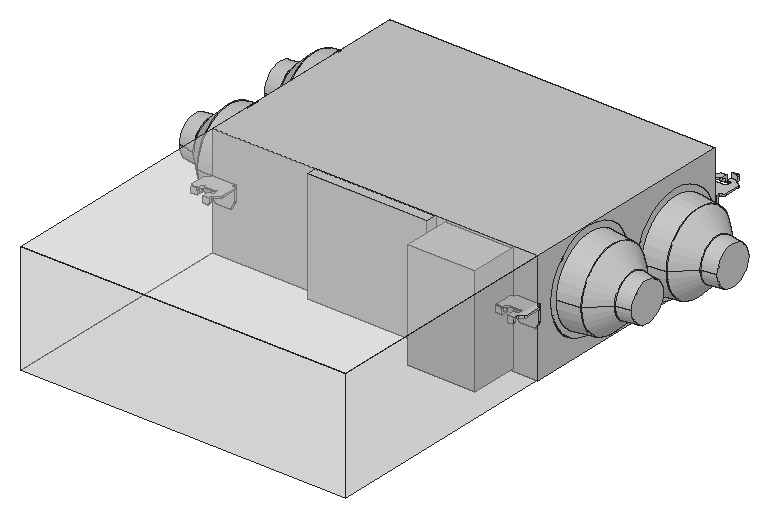
Revit family "outputfile", category 機械設備, Revit 2024
Family settings
  丸型コネクタ寸法 = 半径を使用
  パーツ タイプ = 標準
  OmniClass 番号 = 23.75.10.34.21
  OmniClass タイトル = Heat Exchangers for Ventilation Air
  作業面ベース = いいえ
  常に垂直 = はい
  ロード時にボイドで切り取り = いいえ
  注釈の向きを維持 = いいえ
  共有 = いいえ
  部屋計算ポイント = はい
Parameters (values of type "VAM150HVE")
  Description = ""
  製造元 = "Daikin"
  書き出し IFC クラス(タイプ) = "IfcAirToAirHeatRecoveryType"
  定義済み IFC タイプ(タイプ) = "ROTARYWHEEL"
  Cost = 0
  モデル = "VAM150HVE"
  Type Comments = ""
  Keynote = ""
  Type Image = (empty or 0)
  Assembly Code = ""
  w_maintenacecover = 298.0 mm
  r3_airconnection_top = 48.5 mm
  r2_airconnection_top = 53.1 mm
  r1_airconnection_top = 100.0 mm
  r1_airconnection_bottom = 107.1 mm
  r0_airconnection = 121.0 mm
  lw_powersuply = 146.5 mm
  Voltage_comment_60Hz = "220-240"
  Voltage_comment_50Hz = "220-240"
  Voltage_60Hz = 220 V
  Voltage_50Hz = 220 V
  URL = ""
  Phase_60Hz = 1
  Phase_50Hz = 1
  Minimum External Static Pressure = 44.00 Pa
  Minimum Circuit Amps_60Hz = 0.76 A
  Minimum Circuit Amps_50Hz = 0.76 A
  Maximum Fuse Amps_60Hz = 15.0 A
  Maximum Fuse Amps_50Hz = 15.0 A
  Maximum External Static Pressure = 140.00 Pa
  Material_Casing = DAIKIN_GalvanizedSteel_Casing_indoorunit
  lw_mountinghole_Left = 377.0 mm
  lw_mountinghole = 759.0 mm
  w_controlbox_right = 63.0 mm
  w_controlbox = 167.0 mm
  r_SAduct = SA Duct Size Diameter / 2  # 50.0 mm
  r_RAduct = RA Duct Size Diameter / 2  # 50.0 mm
  r_OAduct = OA Duct Size Diameter / 2  # 50.0 mm
  r_EAduct = EA Duct Size Diameter / 2  # 50.0 mm
  lh_powersuply = 139.0 mm
  lh_mounting = lh_mountinghole + [h***]  # 173.0 mm
  h_controlbox_top = 4.5 mm
  lh_antena = Height - lh_mountinghole + 1.0 mm  # 106.0 mm
  lh_SA = 157.0 mm
  lh_RA = 121.0 mm
  lh_OA = 157.0 mm
  lh_EA = 157.0 mm
  ld_SA = 159.0 mm
  ld_RA = 126.0 mm
  ld_OA = 125.0 mm
  ld_EA = 160.0 mm
  lh_mountinghole = 173.0 mm
  h_controlbox = 269.0 mm
  h*** = 0.0 mm  # constant formula
  d_total_airconnection = d1_airconnection + d2_airconnection + d3_airconnection  # 145.0 mm
  d_maintenacecover = 26.0 mm
  ld_mountinghole = 651.0 mm
  d_controlbox = 117.0 mm
  d3_airconnection = 38.5 mm
  d2_airconnection = 46.5 mm
  d1_airconnection = 60.0 mm
  d0_airconnection = 1.8 mm
  Width = 810.0 mm
  Version = "ver.1.0"
  Unit Type = "Heat Recovery Ventilator"
  Unit Mass Weight = 22.00 kg
  Unit Designation [instance] = ""
  Uniclass2015Version = "Products v1.30"
  Uniclass2015Title = "Thermal wheels"
  Uniclass2015Code = "Pr_60_60_36_88"
  Temperature exchange efficiency (Heating) = 77.00%
  Temperature exchange efficiency (Cooling) = 66.00%
  Supply Air Direction [instance] = yes
  Sound Pressure Level_M speed (dBA) = 30.5
  Sound Pressure Level_L speed (dBA) = 23
  Sound Pressure Level_H speed (dBA) = 33
  Series = "VRV Fan Coil Unit"
  SA Duct Size Diameter = 100.0 mm
  Refrigerant Type = ""
  RA Duct Size Diameter = 100.0 mm
  Option Accessory 3 [instance] = ""
  Option Accessory 2 [instance] = ""
  Option Accessory 1 [instance] = ""
  OA Duct Size Diameter = 100.0 mm
  Nominal Airflow = 150.00 m³/h
  Minimum Airflow = 50.00 m³/h
  Median Airflow = 0.00 m³/h
  Maximum Airflow = 250.00 m³/h
  Load Classification = HVAC
  Link_Nested Family [instance] = ""
  IfcVersion = "0"
  IfcExportType = "ROTARYWHEEL"
  IfcExportAs = "IfcAirToAirHeatRecoveryType"
  Height = 278.0 mm
  Heating Entering Wet Bulb Temperature [instance] = 0.00 °C
  Heating Entering Dry Bulb Temperature [instance] = 0.00 °C
  Heating Ambient Wet Bulb Temperature [instance] = 0.00 °C
  Heating Ambient Dry Bulb Temperature [instance] = 0.00 °C
  Frequency_60Hz = 60 Hz
  Frequency_50Hz = 50 Hz
  Fan Type = "Sirocco Fan"
  Fan Drive = "Direct Drive"
  FCU Tag No. [instance] = ""
  Enthalpy exchange efficiency (Heating) = 71.50%
  Enthalpy exchange efficiency (Cooling) = 63.50%
  EA Duct Size Diameter = 100.0 mm
  Design Supply Airflow [instance] = 0.00 m³/h
  Design Return Airflow [instance] = 0.00 m³/h
  Design Outdoor Airflow [instance] = 0.00 m³/h
  Design External Static Pressure [instance] = 0.00 Pa
  Design Exhaust Airflow [instance] = 0.00 m³/h
  Depth = 551.0 mm
  既定の高さ = 0.0 mm
  Cooling Entering Wet Bulb Temperature [instance] = 0.00 °C
  Cooling Entering Dry Bulb Temperature [instance] = 0.00 °C
  Cooling Ambient Wet Bulb Temperature [instance] = 0.00 °C
  Cooling Ambient Dry Bulb Temperature [instance] = 0.00 °C
  Clearance visibility [instance] = yes
  Clearance Top = 0.0 mm
  Clearance Right = 0.0 mm
  Clearance Rear = 0.0 mm
  Clearance Left = 0.0 mm
  Clearance Front = 600.0 mm
  Clearance Bottom = 0.0 mm
Reference planes
  plane 1 "Center (Front/Back)": y = 0
  plane 2: z = 0
  plane 3 "Center (Left/Right)": x = 0
  plane 4 "Back": y = 275.5
  plane 5 "Front": y = -275.5
  plane 6 "Left": x = -405
  plane 7 "Right": x = 405
  plane 8 "Top": z = 0
  plane 9 "mountinghole_Left": x = -377
  plane 10 "mountinghole_Right": x = 382
  plane 11 "mountinghole_Back": y = 325.5
  plane 12 "mountinghole_Front": y = -325.5
  plane 13 "Center (Elevation)": z = -139
  plane 14 "h_mountinghole": z = -105
  plane 15 "w_maintenacecover_left": x = -149
  plane 16 "w_maintenacecover_right": x = 149
  plane 17 "Clearance Front": y = -875.5
  plane 18 "Clearance Left": x = -405
  plane 19 "Clearance Right": x = 405
  plane 20 "Clearance Rear": y = 275.5
  plane 21 "Clearance Top": z = 0
  plane 22 "Clearance Bottom": z = -278
  plane 23 "d_maintenacecover": y = -301.5
  plane 24 "d_controlbox": y = -392.5
  plane 25 "w_controlbox_left": x = 175
  plane 26 "w_controlbox_right": x = 342
  plane 27 "Bottom": z = -278
  plane 28 "h_controlbox_top": z = -4.5
  plane 29 "h_controlbox_bottom": z = -273.5
  plane 30 "lh_OA": z = -121
  plane 31 "lh_EA": z = -121
  plane 32 "lh_SA": z = -121
  plane 33 "lh_RA": z = -157
  plane 34 "ld_EA": y = 115.5
  plane 35 "ld_OA": y = -150.5
  plane 36 "ld_RA": y = 149.5
  plane 37 "ld_SA": y = -116.5
  plane 38 "lw_powersuply": x = 258.5
  plane 39: z = 59.955
  plane 40 "lh_powersuply": z = -139
Forms (mm)
  Extrusion 1, solid, material "DAIKIN_GalvanizedSteel_Casing_indoorunit" <- "Material_Casing"
    sketch origin (0, 0, 200) x (1, 0, 0) y (0, 1, 0)
      loop
        line (-405, 275.5) -> (-405, -275.5) -> (405, -275.5) -> (405, 275.5) -> (-405, 275.5)
    from -478 to -200
  Extrusion 2, solid, material "DAIKIN_GalvanizedSteel_Casing_indoorunit" <- "Material_Casing"
    sketch origin (0, 0, 0) x (1, 0, 0) y (0, 1, 0)
      loop
        line (-149, -275.5) -> (-149, -301.5) -> (149, -301.5) -> (149, -275.5) -> (-149, -275.5)
    from -278 to 0
  Extrusion 3, solid, material "DAIKIN_GalvanizedSteel_Casing_indoorunit" <- "Material_Casing"
    sketch origin (0, 0, 0) x (1, 0, 0) y (0, 1, 0)
      loop
        line (175, -275.5) -> (175, -392.5) -> (342, -392.5) -> (342, -275.5) -> (175, -275.5)
    from -273.5 to -4.5
Dimensions and locks
  equal spacing: plane 6 "Left", plane 3 "Center (Left/Right)", plane 7 "Right"
  "Width": plane 6 "Left" to plane 7 "Right"
  equal spacing: plane 4 "Back", plane 1 "Center (Front/Back)", plane 5 "Front"
  "Depth": plane 4 "Back" to plane 5 "Front"
  "lw_mountinghole": plane 9 "mountinghole_Left" to plane 10 "mountinghole_Right"
  equal spacing: plane 11 "mountinghole_Back", plane 1 "Center (Front/Back)", plane 12 "mountinghole_Front"
  "ld_mountinghole": plane 11 "mountinghole_Back" to plane 12 "mountinghole_Front"
  "Clearance Front": plane 5 "Front" to plane 17 "Clearance Front"
  "Clearance Left": plane 18 "Clearance Left" to plane 6 "Left"
  "Clearance Right": plane 7 "Right" to plane 19 "Clearance Right"
  "Clearance Rear": plane 4 "Back" to plane 20 "Clearance Rear"
  "w_controlbox_right": plane 26 "w_controlbox_right" to plane 7 "Right"
  "w_controlbox": plane 25 "w_controlbox_left" to plane 26 "w_controlbox_right"
  equal spacing: plane 15 "w_maintenacecover_left", plane 3 "Center (Left/Right)", plane 16 "w_maintenacecover_right"
  "w_maintenacecover": plane 15 "w_maintenacecover_left" to plane 16 "w_maintenacecover_right"
  "lh_mountinghole": plane 14 "h_mountinghole" to plane 27 "Bottom"
  "Height": plane 8 "Top" to plane 27 "Bottom"
  equal spacing: plane 8 "Top", plane 13 "Center (Elevation)", plane 27 "Bottom"
  "Clearance Top": plane 21 "Clearance Top" to plane 8 "Top"
  "Clearance Bottom": plane 27 "Bottom" to plane 22 "Clearance Bottom"
  "h_controlbox": plane 28 "h_controlbox_top" to plane 29 "h_controlbox_bottom"
  "d_controlbox": plane 5 "Front" to plane 24 "d_controlbox"
  "d_maintenacecover": plane 5 "Front" to plane 23 "d_maintenacecover"
  "lh_SA": plane 32 "lh_SA" to plane 27 "Bottom"
  "lh_RA": plane 33 "lh_RA" to plane 27 "Bottom"
  "ld_OA": plane 35 "ld_OA" to plane 5 "Front"
  "ld_EA": plane 4 "Back" to plane 34 "ld_EA"
  "ld_RA": plane 4 "Back" to plane 36 "ld_RA"
  "ld_SA": plane 37 "ld_SA" to plane 5 "Front"
  "lh_EA": plane 31 "lh_EA" to plane 27 "Bottom"
  "lh_OA": plane 30 "lh_OA" to plane 27 "Bottom"
  "h_controlbox_top": plane 8 "Top" to plane 28 "h_controlbox_top"
  "lw_mountinghole_Left": plane 9 "mountinghole_Left" to plane 3 "Center (Left/Right)"
  plane 3 "Center (Left/Right)" to plane 10 "mountinghole_Right" = 382.0 mm
  "lw_powersuply": plane 38 "lw_powersuply" to plane 7 "Right"
  "lh_powersuply": plane 40 "lh_powersuply" to plane 27 "Bottom"
  aligned and locked: level to plane 2
  aligned and locked: Extrusion 1 sketch curve to plane 4 "Back"
  aligned and locked: plane 6 "Left" to Extrusion 1 sketch curve
  aligned and locked: plane 5 "Front" to Extrusion 1 sketch curve
  aligned and locked: Extrusion 1 sketch curve to plane 7 "Right"
  aligned and locked: plane 8 "Top" to Extrusion 1
  aligned and locked: nested 1 to plane 10 "mountinghole_Right"
  aligned and locked: nested 1 to plane 5 "Front"
  aligned and locked: plane 9 "mountinghole_Left" to nested 2
  aligned and locked: nested 2 to plane 5 "Front"
  aligned and locked: plane 4 "Back" to nested 3
  aligned and locked: plane 10 "mountinghole_Right" to nested 3
  aligned and locked: nested 4 to plane 9 "mountinghole_Left"
  aligned and locked: plane 4 "Back" to nested 4
  aligned and locked: nested 6 to plane 10 "mountinghole_Right"
  aligned and locked: nested 6 to plane 11 "mountinghole_Back"
  aligned and locked: plane 9 "mountinghole_Left" to nested 7
  aligned and locked: nested 7 to plane 11 "mountinghole_Back"
  aligned and locked: plane 9 "mountinghole_Left" to nested 8
  aligned and locked: plane 12 "mountinghole_Front" to nested 8
  aligned and locked: plane 12 "mountinghole_Front" to nested 9
  aligned and locked: nested 9 to plane 10 "mountinghole_Right"
  aligned and locked: plane 14 "h_mountinghole" to nested 3
  aligned and locked: plane 14 "h_mountinghole" to nested 1
  aligned and locked: plane 14 "h_mountinghole" to nested 4
  aligned and locked: plane 14 "h_mountinghole" to nested 2
  aligned and locked: nested 5 to plane 17 "Clearance Front"
  aligned and locked: plane 18 "Clearance Left" to nested 5
  aligned and locked: nested 5 to plane 19 "Clearance Right"
  aligned and locked: nested 5 to plane 20 "Clearance Rear"
  aligned and locked: plane 22 "Clearance Bottom" to nested 5
  aligned and locked: plane 21 "Clearance Top" to nested 5
  aligned and locked: plane 27 "Bottom" to Extrusion 1
  aligned and locked: plane 23 "d_maintenacecover" to Extrusion 2 sketch curve
  aligned and locked: plane 16 "w_maintenacecover_right" to Extrusion 2 sketch curve
  aligned and locked: plane 15 "w_maintenacecover_left" to Extrusion 2 sketch curve
  aligned and locked: Extrusion 2 sketch curve to plane 5 "Front"
  aligned and locked: plane 8 "Top" to Extrusion 2
  aligned and locked: Extrusion 2 to plane 27 "Bottom"
  aligned and locked: plane 24 "d_controlbox" to Extrusion 3 sketch curve
  aligned and locked: plane 25 "w_controlbox_left" to Extrusion 3 sketch curve
  aligned and locked: Extrusion 3 sketch curve to plane 5 "Front"
  aligned and locked: Extrusion 3 sketch curve to plane 26 "w_controlbox_right"
  aligned and locked: plane 28 "h_controlbox_top" to Extrusion 3
  aligned and locked: plane 29 "h_controlbox_bottom" to Extrusion 3
  aligned and locked: nested 10 to plane 34 "ld_EA"
  aligned and locked: nested 10 to plane 6 "Left"
  aligned and locked: nested 11 to plane 35 "ld_OA"
  aligned and locked: nested 11 to plane 6 "Left"
  aligned and locked: plane 36 "ld_RA" to nested 12
  aligned and locked: plane 7 "Right" to nested 12
  aligned and locked: plane 37 "ld_SA" to nested 13
  aligned and locked: plane 7 "Right" to nested 13
  aligned and locked: plane 32 "lh_SA" to nested 13
  aligned and locked: plane 33 "lh_RA" to nested 12
  aligned and locked: plane 30 "lh_OA" to nested 11
  aligned and locked: plane 31 "lh_EA" to nested 10
  aligned and locked: plane 37 "ld_SA" to nested 15
  aligned and locked: plane 7 "Right" to nested 15
  aligned and locked: plane 36 "ld_RA" to nested 16
  aligned and locked: plane 7 "Right" to nested 16
  aligned and locked: nested 18 to plane 34 "ld_EA"
  aligned and locked: nested 17 to plane 35 "ld_OA"
  aligned and locked: nested 18 to plane 6 "Left"
  aligned and locked: nested 17 to plane 6 "Left"
  aligned and locked: plane 31 "lh_EA" to nested 17
  aligned and locked: nested 18 to plane 31 "lh_EA"
  aligned and locked: nested 16 to plane 33 "lh_RA"
  aligned and locked: nested 15 to plane 32 "lh_SA"
  aligned and locked: plane 37 "ld_SA" to nested 14
  aligned and locked: nested 19 to plane 38 "lw_powersuply"
  aligned and locked: nested 19 to plane 5 "Front"
  aligned and locked: plane 40 "lh_powersuply" to nested 19
  aligned and locked: level to plane 8 "Top"
Nested families
  nested 1: "daikin_hangerfixture_VAM-HVE_150-1000" at (382, -275.5, -105), type "daikin_hangerfixture_VAM-HVE_150-1000"
  nested 2: "daikin_hangerfixture_VAM-HVE_150-1000" at (-377, -275.5, -105), type "daikin_hangerfixture_VAM-HVE_150-1000"
  nested 3: "daikin_hangerfixture_VAM-HVE_150-1000" at (382, 275.5, -105) x (-1, 0, 0) z (0, 0, 1), type "daikin_hangerfixture_VAM-HVE_150-1000"
  nested 4: "daikin_hangerfixture_VAM-HVE_150-1000" at (-377, 275.5, -105) x (-1, 0, 0) z (0, 0, 1), type "daikin_hangerfixture_VAM-HVE_150-1000"
  nested 5: "daikin_clearancespace" at (0, -300, -138.881), visible <- "Clearance visibility", show <- "Clearance visibility", Link_Nested Family <- "Link_Nested Family", type "daikin_clearancespace"
    with width 810.0 mm, show yes, height 278.0 mm, depth 1151.0 mm, Link_Nested Family ""
  nested 6: "daikin_mountinghole" at (382, 325.5, -278), l_antenna <- "lh_antena", Link_Nested Family <- "Link_Nested Family", h_mountinghole <- "lh_mounting", type "daikin_mountinghole"
    with show yes, l_antenna 106.0 mm, h_mountinghole 173.0 mm, Link_Nested Family ""
  nested 7: "daikin_mountinghole" at (-377, 325.5, -278), l_antenna <- "lh_antena", Link_Nested Family <- "Link_Nested Family", h_mountinghole <- "lh_mounting", type "daikin_mountinghole"
    with show yes, l_antenna 106.0 mm, h_mountinghole 173.0 mm, Link_Nested Family ""
  nested 8: "daikin_mountinghole" at (-377, -325.5, -278), l_antenna <- "lh_antena", Link_Nested Family <- "Link_Nested Family", h_mountinghole <- "lh_mounting", type "daikin_mountinghole"
    with show yes, l_antenna 106.0 mm, h_mountinghole 173.0 mm, Link_Nested Family ""
  nested 9: "daikin_mountinghole" at (382, -325.5, -278), l_antenna <- "lh_antena", Link_Nested Family <- "Link_Nested Family", h_mountinghole <- "lh_mounting", type "daikin_mountinghole"
    with show yes, l_antenna 106.0 mm, h_mountinghole 173.0 mm, Link_Nested Family ""
  nested 10: "daikin_airconnection_VAM-HVE_150-1000" at (-405, 115.5, -121) x (0, -1, 0) z (0, 0, 1), d0 <- "d0_airconnection", d1 <- "d1_airconnection", d2 <- "d2_airconnection", d3 <- "d3_airconnection", r0 <- "r0_airconnection", r1_bottom <- "r1_airconnection_bottom", r1_top <- "r1_airconnection_top", r2_top <- "r2_airconnection_top", r3_top <- "r3_airconnection_top", type "daikin_airconnection_VAM-HVE_150-1000"
    with r3_top 48.5 mm, r3_bottom 53.1 mm, r2_top 53.1 mm, r2_bottom 100.0 mm, r1_top 100.0 mm, r1_bottom 107.1 mm, r0 121.0 mm, d_total 145.0 mm, d3 38.5 mm, d2 46.5 mm, d1 60.0 mm, d0 1.8 mm
  nested 11: "daikin_airconnection_VAM-HVE_150-1000" at (-405, -150.5, -121) x (0, -1, 0) z (0, 0, 1), d0 <- "d0_airconnection", d1 <- "d1_airconnection", d2 <- "d2_airconnection", d3 <- "d3_airconnection", r0 <- "r0_airconnection", r1_bottom <- "r1_airconnection_bottom", r1_top <- "r1_airconnection_top", r2_top <- "r2_airconnection_top", r3_top <- "r3_airconnection_top", type "daikin_airconnection_VAM-HVE_150-1000"
    with r3_top 48.5 mm, r3_bottom 53.1 mm, r2_top 53.1 mm, r2_bottom 100.0 mm, r1_top 100.0 mm, r1_bottom 107.1 mm, r0 121.0 mm, d_total 145.0 mm, d3 38.5 mm, d2 46.5 mm, d1 60.0 mm, d0 1.8 mm
  nested 12: "daikin_airconnection_VAM-HVE_150-1000" at (405, 149.5, -157) x (0, 1, 0) z (0, 0, 1), d0 <- "d0_airconnection", d1 <- "d1_airconnection", d2 <- "d2_airconnection", d3 <- "d3_airconnection", r0 <- "r0_airconnection", r1_bottom <- "r1_airconnection_bottom", r1_top <- "r1_airconnection_top", r2_top <- "r2_airconnection_top", r3_top <- "r3_airconnection_top", type "daikin_airconnection_VAM-HVE_150-1000"
    with r3_top 48.5 mm, r3_bottom 53.1 mm, r2_top 53.1 mm, r2_bottom 100.0 mm, r1_top 100.0 mm, r1_bottom 107.1 mm, r0 121.0 mm, d_total 145.0 mm, d3 38.5 mm, d2 46.5 mm, d1 60.0 mm, d0 1.8 mm
  nested 13: "daikin_airconnection_VAM-HVE_150-1000" at (405, -116.5, -121) x (0, 1, 0) z (0, 0, 1), d0 <- "d0_airconnection", d1 <- "d1_airconnection", d2 <- "d2_airconnection", d3 <- "d3_airconnection", r0 <- "r0_airconnection", r1_bottom <- "r1_airconnection_bottom", r1_top <- "r1_airconnection_top", r2_top <- "r2_airconnection_top", r3_top <- "r3_airconnection_top", type "daikin_airconnection_VAM-HVE_150-1000"
    with r3_top 48.5 mm, r3_bottom 53.1 mm, r2_top 53.1 mm, r2_bottom 100.0 mm, r1_top 100.0 mm, r1_bottom 107.1 mm, r0 121.0 mm, d_total 145.0 mm, d3 38.5 mm, d2 46.5 mm, d1 60.0 mm, d0 1.8 mm
  nested 14: "daikin_△_symbolicline" at (0, -116.5, 278) x (0, 1, 0) z (0, 0, 1), built-in parameter 1001360 <- "Height", visible <- "Supply Air Direction", type "daikin_△_symbolicline"
    with length 300.0 mm
  nested 15: "daikin_connector_rotate2" at (405, -116.5, -121) x (0, 1, 0) z (0, 0, 1), length <- "d_total_airconnection", radius <- "r_SAduct", type "daikin_connector_rotate2"
    with radius 50.0 mm, length 145.0 mm, angle_vertical 90.00°, show_face no
  nested 16: "daikin_connector_rotate2" at (405, 149.5, -157) x (0, 1, 0) z (0, 0, 1), length <- "d_total_airconnection", radius <- "r_RAduct", type "daikin_connector_rotate2"
    with radius 50.0 mm, length 145.0 mm, angle_vertical 90.00°, show_face no
  nested 17: "daikin_connector_rotate2" at (-405, -150.5, -121) x (0, -1, 0) z (0, 0, 1), length <- "d_total_airconnection", radius <- "r_OAduct", type "daikin_connector_rotate2"
    with radius 50.0 mm, length 145.0 mm, angle_vertical 90.00°, show_face no
  nested 18: "daikin_connector_rotate2" at (-405, 115.5, -121) x (0, -1, 0) z (0, 0, 1), length <- "d_total_airconnection", radius <- "r_EAduct", type "daikin_connector_rotate2"
    with radius 50.0 mm, length 145.0 mm, angle_vertical 90.00°, show_face no
  nested 19: "daikin_connector_rotate2" at (258.5, -275.5, -139), length <- "d_controlbox", type "daikin_connector_rotate2"
    with radius 10.0 mm, length 117.0 mm, angle_vertical 90.00°, show_face no
Connectors
  hvac at (-550, 115.5, -121), driven by "r_EAduct"
    settings: on nested 18, index 1, duct flow 0.00 m³/h, flow factor 0, pres drop 0.00 Pa, loss coef 0, conn angle 0.00°, conn width 304.8 mm, conn height 304.8 mm, conn diameter 100.0 mm, duct sys type 3, conn prof type 0, flow config 0, flow direction 2, loss method 4, conn ref index -1, conn util no, is conn primary no, conn desc "EA Duct"
  hvac at (-550, -150.5, -121), driven by "r_OAduct"
    settings: on nested 17, index 2, duct flow 0.00 m³/h, flow factor 0, pres drop 0.00 Pa, loss coef 0, conn angle 0.00°, conn width 304.8 mm, conn height 304.8 mm, conn diameter 100.0 mm, duct sys type 1, conn prof type 0, flow config 0, flow direction 1, loss method 4, conn ref index -1, conn util no, is conn primary no, conn desc "OA Duct"
  hvac at (550, 149.5, -157), driven by "r_RAduct"
    settings: on nested 16, index 3, duct flow 0.00 m³/h, flow factor 0, pres drop 0.00 Pa, loss coef 0, conn angle 0.00°, conn width 304.8 mm, conn height 304.8 mm, conn diameter 100.0 mm, duct sys type 2, conn prof type 0, flow config 0, flow direction 1, loss method 4, conn ref index -1, conn util no, is conn primary no, conn desc "RA Duct"
  hvac at (550, -116.5, -121), driven by "r_SAduct"
    settings: on nested 15, index 4, duct flow 0.00 m³/h, flow factor 0, pres drop 0.00 Pa, loss coef 0, conn angle 0.00°, conn width 304.8 mm, conn height 304.8 mm, conn diameter 100.0 mm, duct sys type 1, conn prof type 0, flow config 0, flow direction 2, loss method 4, conn ref index -1, conn util no, is conn primary yes, conn desc "SA Duct"
  electrical at (258.5, -392.5, -139), driven by "Load Classification"
    settings: on nested 19, index 6, voltage 0 V, apparent load 0 VA, apparent load phase1 0 VA, apparent load phase2 0 VA, apparent load phase3 0 VA, power factor 1, load classification "HVAC", number of poles 1, system type 30, power factor state 1, is connector primary yes, connector utility no, sub classification motor no, connector description "Power Supply"
Definition of nested family "daikin_hangerfixture_VAM-HVE_150-1000"
  Parameters (values of type "daikin_hangerfixture_VAM")
    width = 76.0 mm
    material = none
    height = 0.0 mm
    depth = 75.0 mm
    Default Elevation = 0.0 mm
  Reference planes
    plane 1 "Center (Front/Back)": y = 0
    plane 2: z = 0
    plane 3 "Center (Left/Right)": x = 0
    plane 4: y = -75
    plane 5: x = -38
    plane 6: x = 38
    plane 7: z = -3.2
    plane 8: z = -57
    plane 9: x = -28
    plane 10: x = 28
    plane 11: y = -3.2
    plane 12: z = 11.8
    plane 13: z = -15
    plane 14: y = -71.8
    plane 15: y = -50
  Forms (mm)
    Extrusion 1, solid, material <- "material"
      sketch origin (0, 0, 0) x (1, 0, 0) y (0, 1, 0)
        loop
          line (-28, 0) -> (-28, -5)
          arc (-28, -5) -> (-29.464, -8.536) -> (-33, -10) r 5
          arc (-33, -10) -> (-36.536, -11.464) -> (-38, -15) r 5
          line (-38, -15) -> (-38, -52.597)
          arc (-38, -52.597) -> (-37.507, -54.763) -> (-36.123, -56.501) r 5
          line (-36.123, -56.501) -> (-24.877, -65.499)
          arc (-24.877, -65.499) -> (-23.493, -67.237) -> (-23, -69.403) r 5
          line (-23, -69.403) -> (-23, -75) -> (-7, -75) -> (-7, -60)
          arc (-7, -60) -> (-7.879, -57.879) -> (-10, -57) r 3
          line (-10, -57) -> (-13, -57)
          arc (-13, -57) -> (-20, -50) -> (-13, -43) r 7
          line (-13, -43) -> (13, -43)
          arc (13, -43) -> (20, -50) -> (13, -57) r 7
          line (13, -57) -> (10, -57)
          arc (10, -57) -> (7.879, -57.879) -> (7, -60) r 3
          line (7, -60) -> (7, -75) -> (23, -75) -> (23, -69.403)
          arc (23, -69.403) -> (23.493, -67.237) -> (24.877, -65.499) r 5
          line (24.877, -65.499) -> (36.123, -56.501)
          arc (36.123, -56.501) -> (37.507, -54.763) -> (38, -52.597) r 5
          line (38, -52.597) -> (38, -15)
          arc (38, -15) -> (36.536, -11.464) -> (33, -10) r 5
          arc (33, -10) -> (29.464, -8.536) -> (28, -5) r 5
          line (28, -5) -> (28, 0) -> (-28, 0)
      from 0 to -3.2
    Extrusion 2, solid, material <- "material"
      sketch origin (0, 0, 0) x (1, 0, 0) y (0, 0, 1)
        loop
          line (28, 0) -> (-28, 0) -> (-28, -38.882)
          arc (-28, -38.882) -> (-27.88, -39.973) -> (-27.524, -41.011) r 5
          line (-27.524, -41.011) -> (-21.351, -54.129)
          arc (-21.351, -54.129) -> (-19.506, -56.222) -> (-16.827, -57) r 5
          line (-16.827, -57) -> (16.827, -57)
          arc (16.827, -57) -> (19.506, -56.222) -> (21.351, -54.129) r 5
          line (21.351, -54.129) -> (27.524, -41.011)
          arc (27.524, -41.011) -> (27.88, -39.973) -> (28, -38.882) r 5
          line (28, -38.882) -> (28, 0)
      from 0 to 3.2
    Extrusion 3, solid, material <- "material"
      sketch origin (0, 0, 0) x (1, 0, 0) y (0, 0, 1)
        loop
          line (-23, -3.2) -> (-7, -3.2) -> (-7, 8.8)
          arc (-7, 8.8) -> (-7.879, 10.921) -> (-10, 11.8) r 3
          line (-10, 11.8) -> (-20, 11.8)
          arc (-20, 11.8) -> (-22.121, 10.921) -> (-23, 8.8) r 3
          line (-23, 8.8) -> (-23, -3.2)
        loop
          line (7, 0) -> (7, -12)
          arc (7, -12) -> (7.879, -14.121) -> (10, -15) r 3
          line (10, -15) -> (20, -15)
          arc (20, -15) -> (22.121, -14.121) -> (23, -12) r 3
          line (23, -12) -> (23, 0) -> (7, 0)
      from 71.8 to 75
  Cuts and joins
    joined: Extrusion 1, Extrusion 2, Extrusion 3
  Dimensions and locks
    "depth": plane 4 to plane 1 "Center (Front/Back)"
    equal spacing: plane 5, plane 3 "Center (Left/Right)", plane 6
    "width": plane 5 to plane 6
    plane 2 to plane 7 = 3.2 mm
    locked: plane 2 to plane 8 at 57
    locked: plane 9 to plane 10 at 56
    equal spacing: plane 9, plane 3 "Center (Left/Right)", plane 10
    locked: plane 11 to plane 1 "Center (Front/Back)" at 3.2
    locked: plane 12 to plane 7 at 15
    locked: plane 2 to plane 13 at 15
    plane 14 to plane 4 = 3.2 mm
    aligned and locked: level to plane 2
    aligned and locked: plane 1 "Center (Front/Back)" to Extrusion 1 sketch curve
    aligned and locked: plane 4 to Extrusion 1 sketch curve  (x2)
    aligned and locked: Extrusion 1 to plane 5
    aligned and locked: plane 6 to Extrusion 1
    aligned and locked: Extrusion 1 to plane 7
    aligned and locked: Extrusion 2 sketch curve to plane 2
    aligned and locked: Extrusion 2 to plane 8
    aligned and locked: plane 9 to Extrusion 2
    aligned and locked: Extrusion 2 to plane 10
    aligned and locked: Extrusion 2 to plane 1 "Center (Front/Back)"
    aligned and locked: Extrusion 2 to plane 11
    aligned and locked: Extrusion 3 sketch curve to plane 7
    aligned and locked: Extrusion 3 sketch curve to plane 2
    aligned and locked: Extrusion 3 to plane 12
    aligned and locked: Extrusion 3 to plane 13
    aligned and locked: Extrusion 3 to plane 4
    aligned and locked: plane 14 to Extrusion 3
  Automatic sketch dimensions
    plane 3 "Center (Left/Right)" to Extrusion 1 sketch curve = 28.0 mm
    plane 1 "Center (Front/Back)" to Extrusion 1 sketch curve = 5.0 mm
    Extrusion 1 sketch curve to Extrusion 1 sketch curve = 5.0 mm  (x8)
    plane 4 to Extrusion 1 sketch curve = 22.403 mm
    Extrusion 1 sketch curve to Extrusion 1 sketch curve = 1.877 mm  (x2)
    plane 4 to Extrusion 1 sketch curve = 9.501 mm
    Extrusion 1 sketch curve to Extrusion 1 sketch curve = 11.247 mm  (x2)
    Extrusion 1 sketch curve to Extrusion 1 sketch curve = 3.123 mm  (x2)
    Extrusion 1 sketch curve to Extrusion 1 sketch curve = 3.904 mm  (x2)
    plane 3 "Center (Left/Right)" to Extrusion 1 sketch curve = 7.0 mm
    plane 4 to Extrusion 1 sketch curve = 15.0 mm
    Extrusion 1 sketch curve to Extrusion 1 sketch curve = 3.0 mm  (x4)
    Extrusion 1 sketch curve to Extrusion 1 sketch curve = 7.0 mm  (x2)
    Extrusion 1 sketch curve to plane 3 "Center (Left/Right)" = 13.0 mm
    Extrusion 1 sketch curve to Extrusion 1 sketch curve = 16.0 mm
    plane 4 to Extrusion 1 sketch curve = 5.597 mm
    Extrusion 1 sketch curve to Extrusion 1 sketch curve = 8.998 mm
    plane 1 "Center (Front/Back)" to Extrusion 1 sketch curve = 15.0 mm
    plane 5 to Extrusion 2 sketch curve = 10.0 mm
    Extrusion 2 sketch curve to Extrusion 2 sketch curve = 0.476 mm  (x2)
    Extrusion 2 sketch curve to Extrusion 2 sketch curve = 4.524 mm  (x4)
    Extrusion 2 sketch curve to Extrusion 2 sketch curve = 6.173 mm  (x2)
    plane 3 "Center (Left/Right)" to Extrusion 2 sketch curve = 16.827 mm
    Extrusion 2 sketch curve to plane 7 = 35.682 mm  (x2)
    Extrusion 2 sketch curve to Extrusion 2 sketch curve = 13.118 mm  (x2)
    Extrusion 2 sketch curve to Extrusion 2 sketch curve = 2.129 mm
    Extrusion 3 sketch curve to plane 9 = 5.0 mm
    Extrusion 3 sketch curve to Extrusion 3 sketch curve = 3.0 mm  (x4)
    Extrusion 3 sketch curve to Extrusion 3 sketch curve = 10.0 mm
    plane 3 "Center (Left/Right)" to Extrusion 3 sketch curve = 7.0 mm
    plane 10 to Extrusion 3 sketch curve = 8.0 mm
    Extrusion 3 sketch curve to plane 7 = 8.8 mm
    level to Extrusion 3 sketch curve = 8.8 mm
Definition of nested family "daikin_clearancespace"
  Parameters (values of type "daikin_clearancespace")
    width [instance] = 1823.963 mm
    show [instance] = yes
    material = none
    height [instance] = 1359.762 mm
    depth [instance] = 880.0 mm
    Default Elevation = 0.0 mm
    Link_Nested Family [instance] = ""
  Reference planes
    plane 1 "Center (Front/Back)": y = 0
    plane 2 "Center (Elevation)": z = -0.119
    plane 3 "Center (Left/Right)": x = 0
    plane 4: y = 440
    plane 5: y = -440
    plane 6 "Right": x = 911.982
    plane 7 "Left": x = -911.982
    plane 8 "Top": z = 679.762
    plane 9 "Bottom": z = -680
  Forms (mm)
    Extrusion 1, solid, material <- "material", visible <- "show"
      sketch origin (0, 0, 0) x (1, 0, 0) y (0, 1, 0)
        loop
          line (-911.982, 440) -> (-911.982, -440) -> (911.982, -440) -> (911.982, 440) -> (-911.982, 440)
      from -680 to 679.762
  Lines and regions (mm)
    symbolic lines, visible <- "show"
      curve 1: line (911.982, 440, 0) -> (-911.982, 440, 0)
      curve 2: line (-911.982, 440, 0) -> (-911.982, -440, 0)
      curve 3: line (-911.982, -440, 0) -> (911.982, -440, 0)
      curve 4: line (911.982, -440, 0) -> (911.982, 440, 0)
      curve 5: line (911.982, 0, 679.762) -> (-911.982, 0, 679.762)
      curve 6: line (911.982, 0, -680) -> (911.982, 0, 679.762)
      curve 7: line (-911.982, 0, -680) -> (911.982, 0, -680)
      curve 8: line (-911.982, 0, 679.762) -> (-911.982, 0, -680)
      curve 9: line (0, 440, 679.762) -> (0, -440, 679.762)
      curve 10: line (0, -440, 679.762) -> (0, -440, -680)
      curve 11: line (0, 440, -680) -> (0, 440, 679.762)
      curve 12: line (0, -440, -680) -> (0, 440, -680)
  Dimensions and locks
    "width": plane 7 "Left" to plane 6 "Right"
    "depth": plane 4 to plane 5
    "height": plane 8 "Top" to plane 9 "Bottom"
    equal spacing: plane 7 "Left", plane 3 "Center (Left/Right)", plane 6 "Right"
    equal spacing: plane 4, plane 1 "Center (Front/Back)", plane 5
    equal spacing: plane 8 "Top", plane 2 "Center (Elevation)", plane 9 "Bottom"
    aligned and locked: level to plane 2 "Center (Elevation)"
    aligned and locked: Extrusion 1 sketch curve to plane 4
    aligned and locked: plane 7 "Left" to Extrusion 1 sketch curve
    aligned and locked: Extrusion 1 sketch curve to plane 5
    aligned and locked: Extrusion 1 sketch curve to plane 6 "Right"
    aligned and locked: plane 8 "Top" to Extrusion 1
    aligned and locked: curve 1 to Extrusion 1
    aligned and locked: curve 2 to Extrusion 1
    aligned and locked: curve 3 to Extrusion 1
    aligned and locked: curve 4 to Extrusion 1
    aligned and locked: curve 5 to Extrusion 1
    aligned and locked: curve 6 to Extrusion 1
    aligned and locked: curve 7 to Extrusion 1
    aligned and locked: curve 8 to Extrusion 1
    aligned and locked: curve 9 to Extrusion 1
    aligned and locked: curve 10 to Extrusion 1
    aligned and locked: curve 11 to Extrusion 1
    aligned and locked: curve 12 to Extrusion 1
    aligned and locked: Extrusion 1 to plane 9 "Bottom"
Definition of nested family "daikin_airconnection_VAM-HVE_150-1000"
  Parameters (values of type "daikin_airconnection_VAM")
    width = 0.0 mm
    r3_top [instance] = 48.5 mm
    r3_bottom [instance] = r2_top  # 53.1 mm
    r2_top [instance] = 53.1 mm
    r2_bottom [instance] = r1_top  # 100.0 mm
    r1_top [instance] = 100.0 mm
    r1_bottom [instance] = 107.1 mm
    r0 [instance] = 121.0 mm
    material = none
    height = 0.0 mm
    depth = 0.0 mm
    d_total [instance] = d3 + d2 + d1  # 145.0 mm
    d3 [instance] = 38.5 mm
    d2 [instance] = 46.5 mm
    d1 [instance] = 60.0 mm
    d0 [instance] = 1.8 mm
    Default Elevation = 0.0 mm
  Reference planes
    plane 1 "Center (Front/Back)": y = 0
    plane 2 "Center (Elevation)": z = 0
    plane 3 "Center (Left/Right)": x = 0
    plane 4 "d1": y = -60
    plane 5 "d2": y = -106.5
    plane 6 "d3": y = -145
    plane 7 "d0": y = -1.8
  Forms (mm)
    Blend 1, solid, material <- "material"
      base sketch origin (0, 0, 0) x (1, 0, 0) y (0, 0, 1)
        loop
          circle (0, 0) r 107.1
      top sketch origin (0, 0, 0) x (1, 0, 0) y (0, 0, 1)
        loop
          circle (0, 0) r 100
      from 1.8 to 60
    Blend 2, solid, material <- "material"
      base sketch origin (0, 0, 0) x (1, 0, 0) y (0, 0, 1)
        loop
          circle (0, 0) r 100
      top sketch origin (0, 0, 0) x (1, 0, 0) y (0, 0, 1)
        loop
          circle (0, 0) r 53.1
      from 60 to 106.5
    Blend 3, solid, material <- "material"
      base sketch origin (0, 0, 0) x (1, 0, 0) y (0, 0, 1)
        loop
          circle (0, 0) r 53.1
      top sketch origin (0, 0, 0) x (1, 0, 0) y (0, 0, 1)
        loop
          circle (0, 0) r 48.5
      from 106.5 to 145
    Extrusion 4, solid, material <- "material"
      sketch origin (0, 0, 0) x (1, 0, 0) y (0, 0, 1)
        loop
          circle (0, 0) r 121
      from 0 to 1.8
  Dimensions and locks
    "d1": plane 4 "d1" to plane 1 "Center (Front/Back)"
    "d2": plane 4 "d1" to plane 5 "d2"
    "d3": plane 5 "d2" to plane 6 "d3"
    "d0": plane 7 "d0" to plane 1 "Center (Front/Back)"
    "r1_bottom": radius of Blend 1 sketch curve
    "r1_top": radius of Blend 1 sketch curve
    "r2_bottom": radius of Blend 2 sketch curve
    "r2_top": radius of Blend 2 sketch curve
    "r3_bottom": radius of Blend 3 sketch curve
    "r3_top": radius of Blend 3 sketch curve
    "r0": radius of Extrusion 4 sketch curve
    aligned and locked: level to plane 2 "Center (Elevation)"
    aligned and locked: plane 2 "Center (Elevation)" to Blend 1 sketch curve  (x2)
    aligned and locked: plane 3 "Center (Left/Right)" to Blend 1 sketch curve  (x2)
    aligned and locked: Blend 1 to plane 4 "d1"
    aligned and locked: plane 2 "Center (Elevation)" to Blend 2 sketch curve  (x2)
    aligned and locked: plane 3 "Center (Left/Right)" to Blend 2 sketch curve  (x2)
    aligned and locked: plane 4 "d1" to Blend 2
    aligned and locked: Blend 2 to plane 5 "d2"
    aligned and locked: plane 3 "Center (Left/Right)" to Blend 3 sketch curve  (x2)
    aligned and locked: plane 2 "Center (Elevation)" to Blend 3 sketch curve  (x2)
    aligned and locked: plane 5 "d2" to Blend 3
    aligned and locked: Blend 3 to plane 6 "d3"
    aligned and locked: Extrusion 4 to plane 7 "d0"
    aligned and locked: plane 7 "d0" to Blend 1
  Automatic sketch dimensions
    Extrusion 4 sketch curve to level = 0.0 mm
    Extrusion 4 sketch curve to plane 3 "Center (Left/Right)" = 0.0 mm
Definition of nested family "daikin_mountinghole"
  Parameters (values of type "daikin_mountinghole")
    Default Elevation = 1219.2 mm
    Type Comments = "mountinghole"
    show [instance] = yes
    material = none
    l_centerline = 100.0 mm
    l_antenna [instance] = 100.0 mm
    h_mountinghole [instance] = 0.0 mm
    d_circle = 30.0 mm
    Link_Nested Family [instance] = ""
  Reference planes
    plane 1 "Center (Front/Back)": y = 0
    plane 2: z = 0
    plane 3 "Center (Left/Right)": x = 0
    plane 4: y = 50
    plane 5: x = -50
    plane 6: x = 50
    plane 7: y = -50
    plane 8 "h_mountinghole": z = 0
    plane 9: z = 100
  Lines and regions (mm)
    model lines, detail levels fine
      curve 1: circle (0, 0, 0) r 15 normal (0, 0, 1)
      curve 2: line (-50, 0, 0) -> (50, 0, 0)
      curve 3: line (0, 50, 0) -> (0, -50, 0)
    symbolic lines, detail levels fine
      curve 4: circle (0, 0, 0) r 15 normal (0, 0, 1)
      curve 5: line (-50, 0, 0) -> (50, 0, 0)
      curve 6: line (0, 50, 0) -> (0, -50, 0)
    model lines
      curve 7: line (0, 0, 100) -> (0, 0, 0)
  Dimensions and locks
    equal spacing: plane 4, plane 1 "Center (Front/Back)", plane 7
    "l_centerline": plane 4 to plane 7
    equal spacing: plane 5, plane 3 "Center (Left/Right)", plane 6
    "l_centerline": plane 5 to plane 6
    "l_antenna": plane 9 to plane 8 "h_mountinghole"
    "h_mountinghole": plane 8 "h_mountinghole" to plane 2
    "d_circle": diameter of curve 1
    "d_circle": diameter of curve 4
    aligned and locked: level to plane 2
    aligned and locked: plane 1 "Center (Front/Back)" to curve 1
    aligned and locked: plane 3 "Center (Left/Right)" to curve 1
    aligned and locked: plane 1 "Center (Front/Back)" to curve 2
    aligned and locked: curve 3 to plane 3 "Center (Left/Right)"
    aligned and locked: plane 6 to curve 2
    aligned and locked: plane 5 to curve 2
    aligned and locked: plane 4 to curve 3
    aligned and locked: plane 7 to curve 3
    aligned and locked: plane 1 "Center (Front/Back)" to curve 4
    aligned and locked: plane 3 "Center (Left/Right)" to curve 4
    aligned and locked: plane 6 to curve 5
    aligned and locked: plane 5 to curve 5
    aligned and locked: plane 1 "Center (Front/Back)" to curve 5
    aligned and locked: plane 4 to curve 6
    aligned and locked: plane 7 to curve 6
    aligned and locked: curve 6 to plane 3 "Center (Left/Right)"
    aligned and locked: curve 7 to plane 3 "Center (Left/Right)"
    aligned and locked: plane 9 to curve 7
    aligned and locked: plane 8 "h_mountinghole" to curve 7
Definition of nested family "daikin_△_symbolicline"
  Parameters (values of type "daikin_△_symbolicline")
    length [instance] = 500.0 mm
    Default Elevation = 0.0 mm
  Reference planes
    plane 1 "Center (Front/Back)": y = 0
    plane 2: z = 0
    plane 3 "Center (Left/Right)": x = 0
  Lines and regions (mm)
    symbolic lines
      curve 1: line (0, -433.013, 0) -> (250, 0, 0)
      curve 2: line (250, 0, 0) -> (-250, 0, 0)
      curve 3: line (-250, 0, 0) -> (0, -433.013, 0)
  Dimensions and locks
    equal spacing: curve 3, plane 3 "Center (Left/Right)", curve 2
    "length": curve 3 to curve 2
    "length": curve 3 to curve 3
    "length": curve 1 to curve 1
    aligned and locked: level to plane 2
    aligned and locked: curve 2 to plane 1 "Center (Front/Back)"
    aligned and locked: plane 3 "Center (Left/Right)" to curve 3
Definition of nested family "daikin_connector_rotate2"
  Parameters (values of type "daikin_connector_rotate2")
    show_face = yes
    radius [instance] = 10.0 mm
    length [instance] = 600.0 mm
    d_surface = 10.0 mm
    angle_vertical [instance] = 90.00°
    Default Elevation = 0.0 mm
  Reference planes
    plane 1 "Center (Front/Back)": y = 0
    plane 2: z = 0
    plane 3 "Center (Left/Right)": x = 0
  Forms (mm)
    Extrusion 1, solid, visible <- "show_face"
      sketch origin (0, -600, 0) x (1, 0, 0) y (0, 0, 1)
        loop
          circle (0, 0) r 10
      from 0 to -10
  Lines and regions (mm)
    reference lines
      curve 1: line (0, 0, 0) -> (0, -600, 0)
    symbolic lines
      curve 2: circle (0, 0, 0) r 5 normal (0, 0, 1)
    model lines, visible <- "show_face"
      curve 3: line (0, 0, 0) -> (0, -600, 0)
  Dimensions and locks
    "length": curve 1 to curve 1
    "length": curve 3 to curve 3
    "d_surface": Extrusion 1 to Extrusion 1
    "radius": radius of Extrusion 1 sketch curve
    "angle_vertical": angle curve 1 to plane 1 "Center (Front/Back)"
    "angle_vertical": angle curve 3 to plane 1 "Center (Front/Back)"
    aligned and locked: level to plane 2
    aligned and locked: plane 1 "Center (Front/Back)" to curve 1
    aligned and locked: plane 2 to curve 1
    aligned and locked: plane 1 "Center (Front/Back)" to curve 2
    aligned and locked: plane 3 "Center (Left/Right)" to curve 2
    aligned and locked: plane 1 "Center (Front/Back)" to curve 3
    aligned and locked: plane 2 to curve 3
    aligned and locked: Extrusion 1 to Extrusion 1
  Automatic sketch dimensions
    Extrusion 1 sketch curve to level = 0.0 mm
    Extrusion 1 sketch curve to plane 3 "Center (Left/Right)" = 0.0 mm
    radius of curve 2 = 5.0 mm
